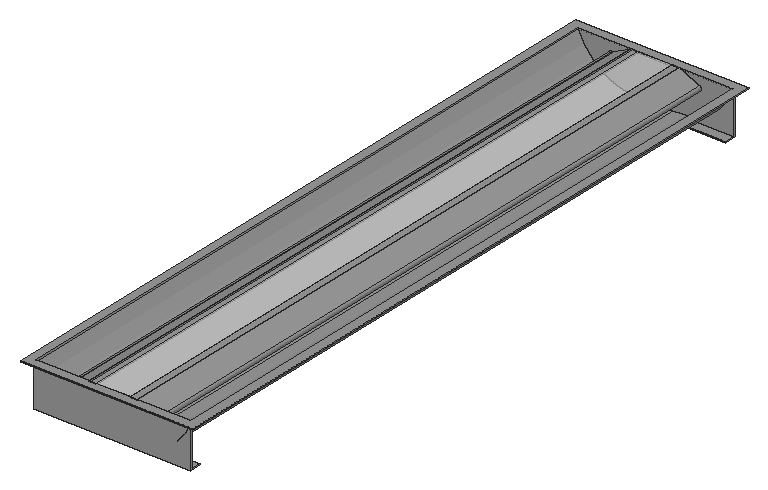
Revit family "44285", category Lighting Fixtures, host Face, Revit 2018
Family settings
  Host = Face
  Round Connector Dimension = Use Diameter
  Part Type = Normal
  OmniClass Number = 23.80.70.11.17
  OmniClass Title = Specialized Lighting by Location or Use
  Cut with Voids When Loaded = No
  Light Source = Yes
  Shared = No
  Room Calculation Point = No
Parameters (values of type "0044285 RUBICO LED 1200 HE 4K")
  Width = 1196.0 mm
  Weight = 4.6 kg
  Wattage Comments = ""
  Wattage = 23.6608 W
  built-in parameter 1150110 = 1 (stored number, unit not read)
  Voltage Comments = "UNI ( Universal Voltage; 230-240 Volt )"  # constant formula
  Voltage = 230 V  # constant formula
  URL = "0"
  built-in parameter 1114217 = 1 (stored number, unit not read)
  Tilt Angle = -90.00°
  built-in parameter 1150109 = 1 (stored number, unit not read)
  built-in parameter 1150134 = (empty or 0)
  built-in parameter 1150113 = 1 (stored number, unit not read)
  Reflector Material = Steel_Sylvania_Rubico LED_White_RAL 9016
  Product Page URL = "http://www.sylvania-lighting.com/product/en-int/products/0044336"
  Product Family = "RUBICO LED - DALI DIMMABLE & EMERGENCY 3 HOUR"  # constant formula
  Photometry Comments = ""
  Photometric Web File = "0044285.ies"
  Life = "50 000h"  # constant formula
  Length = 296.0 mm
  LOR = "1"
  Keynote = "n/a"
  IP Rating = "IP20"  # constant formula
  IK Rating = "IK07"  # constant formula
  Housing Material = Steel_Sylvania_Rubico LED_White_RAL 9016
  Height = 75.0 mm
  Glow Wire Test = 850 °C  # constant formula
  Glare Control = "19>"  # constant formula
  Energy Class = "A++, A+, A"  # constant formula
  Emit from Rectangle Width = Cutout Length - 4.0 mm  # 266.0 mm
  Emit from Rectangle Length = Cutout Width - 4.0 mm  # 1166.0 mm
  Emit Shape Visible in Rendering = no
  Electrical Protection = "CLASS1"  # constant formula
  Drive Current = "700mA"  # constant formula
  Diffuser Width = Length - 236.0 mm  # 60.0 mm
  Diffuser 2 Material = Polycarbonate_Sylvania_Rubico LED_Clear
  Diffuser 1 Material = Steel_Sylvania_Rubico LED_White_RAL 9016
  Cutout Width = Width - 26.0 mm  # 1170.0 mm
  Cutout Length = Length - 26.0 mm  # 270.0 mm
  built-in parameter 1114216 [instance] = 1 (stored number, unit not read)
  Model = "RUBICO LED 1200x300 HE 4K"
  Manufacturer = ""
  built-in parameter 1150105 = 152.44 (stored number, unit not read)
  Lumens = 1915.58 lm
  built-in parameter 1150115 = 1 (stored number, unit not read)
  built-in parameter 1150137 = (empty or 0)
  built-in parameter 1150139 = (empty or 0)
  built-in parameter 1150112 = 1 (stored number, unit not read)
  built-in parameter 1150114 = 1 (stored number, unit not read)
  Lamp = "n/a"
  built-in parameter 1150132 = 2
  built-in parameter 1150102 = (empty or 0)
  built-in parameter 1150107 = (empty or 0)
  built-in parameter 1150138 = (empty or 0)
  built-in parameter 1150106 = 1.5244 (stored number, unit not read)
  built-in parameter 1150104 = 7.5214 (stored number, unit not read)
  Dimming Lamp Color Temperature Shift = <None>
  Description = "Direct and Indirect light distribution. 31W - 46W LED recessed luminaire. Rubico LED Gen 2 is perfect for Office circulation areas, Corridors . Available with Micro Prismatic Optic (MPO) with satin side diffuser. Available in recessed (600x600 and 1200x300) . Rubico LED Gen 2 delivers high output up to 3,656lm (luminaire lumen output on 4,000K version). Rana LED delivers high efficiency up to 84lm/W (total system efficiency). Available in warm white (3,000K) and neutral white (4,000K). Energy efficient electronic gear including DALI and 3 hour emergency versions as standard. Long lifetime: 50,000 hours life at 70% of the original output L70. Less maintenance is required due to the long lifetime of 50,000hrs. Energy Class: A++, A+, A. LED technology provides an energy efficient solution with reduced maintenance costs. Comes complete with safety cable. Complete with protective film and quick connector for easy installation"  # constant formula
  Default Elevation = 0.0 mm
  Color Filter = 16777215
  Catalog Number = "0044336 RUBICO 300*1200 DALI E3 LED 4000 G2"
  built-in parameter 1140040 [instance] = 1
  CRI(Ra) = ">80"  # constant formula
  Body Material = Steel_Sylvania_Rubico LED_White_RAL 9016
  built-in parameter 1114218 = 1 (stored number, unit not read)
  built-in parameter 1150133 = 10 (stored number, unit not read)
  Assembly Code = "D5020200"
  Apparent Load Comments = ""
  Apparent Load = 26 VA
  Ambient temperature for maximum luminous flux (°C) = "25"  # constant formula
  Accessory Material = Steel_Sylvania_Rubico LED_White_RAL 9016
Reference planes
  plane 1 "Center (Front/Back)": y = 0
  plane 2: z = -5
  plane 3 "Center (Left/Right)": x = -27.322
  plane 4 "Housing Left": x = -162.322
  plane 5 "Housing Right": x = 107.678
  plane 6 "Housing Front": y = 585
  plane 7 "Housing Back": y = -585
  plane 8 "Fixture Right": x = 120.678
  plane 9 "Fixture Left": x = -175.322
  plane 10 "Fixture Front": y = 598
  plane 11 "Fixture Back": y = -598
  plane 12 "Fixture Top": z = -73
  plane 13 "Fixture Bottom": z = 0
  plane 14 "Profile Front": y = 583
  plane 15 "Profile Back": y = -583
  plane 16 "Profile Left": x = -160.322
  plane 17 "Profile Right": x = 105.678
  plane 18 "Diffuser Bottom": z = 0
  plane 19 "Diffuser Top": z = -2
  plane 20 "Accessory Left": x = -67.322
  plane 21 "Accessory Right": x = 12.678
  plane 22 "Diffuser Left": x = -57.322
  plane 23 "Diffuser Right": x = 2.678
  plane 24: z = -75
Forms (mm)
  Extrusion 1, void
    sketch origin (0, 0, 59) x (-1, 0, 0) y (0, -1, 0)
      loop
        line (-107.678, -585) -> (162.322, -585) -> (162.322, 585) -> (-107.678, 585) -> (-107.678, -585)
    from -132 to -61
  Extrusion 2, solid, material "Steel_Sylvania_Rubico LED_White_RAL 9016" <- "Housing Material", detail levels fine
    sketch origin (0, 0, 59) x (-1, 0, 0) y (0, -1, 0)
      loop
        line (175.322, -598) -> (175.322, 598) -> (-120.678, 598) -> (-120.678, -598) -> (175.322, -598)
      loop
        line (162.322, -585) -> (162.322, 585) -> (-107.678, 585) -> (-107.678, -585) -> (162.322, -585)
    from -61 to -59
  Extrusion 3, solid, material "Steel_Sylvania_Rubico LED_White_RAL 9016" <- "Housing Material", detail levels fine
    sketch origin (0, 0, 0) x (1, 0, 0) y (0, 0, 1)
      loop
        line (-57.322, -73) -> (2.678, -73)
        arc (2.678, -73) -> (66.054, -53.584) -> (107.678, -2) r 113.141
        line (107.678, -2) -> (107.678, 0) -> (105.678, 0) -> (105.678, -2)
        arc (105.678, -2) -> (64.666, -52.156) -> (2.678, -71) r 111.377
        line (2.678, -71) -> (-57.322, -71)
        arc (-57.322, -71) -> (-119.31, -52.156) -> (-160.322, -2) r 111.377
        line (-160.322, -2) -> (-160.322, 0) -> (-162.322, 0) -> (-162.322, -2)
        arc (-162.322, -2) -> (-120.698, -53.584) -> (-57.322, -73) r 113.141
    from -583 to 583
  Extrusion 4, solid, material "Steel_Sylvania_Rubico LED_White_RAL 9016" <- "Housing Material", detail levels fine
    sketch origin (0, 0, 0) x (1, 0, 0) y (0, 0, 1)
      loop
        line (107.678, 0) -> (-162.322, 0) -> (-162.322, -73) -> (107.678, -73) -> (107.678, 0)
    from 583 to 585
  Extrusion 5, solid, material "Steel_Sylvania_Rubico LED_White_RAL 9016" <- "Housing Material", detail levels fine
    sketch origin (0, 0, 0) x (1, 0, 0) y (0, 0, 1)
      loop
        line (-162.322, 0) -> (-162.322, -73) -> (107.678, -73) -> (107.678, 0) -> (-162.322, 0)
    from -585 to -583
  Extrusion 6, solid, material "Steel_Sylvania_Rubico LED_White_RAL 9016" <- "Diffuser 1 Material", detail levels fine
    sketch origin (0, 0, 0) x (1, 0, 0) y (0, 0, 1)
      loop
        line (12.678, 0) -> (12.678, -2) -> (14.734, -2) -> (47.833, -17.434)
        arc (47.833, -17.434) -> (49.284, -21.421) -> (45.297, -22.872) r 3
        line (45.297, -22.872) -> (44.452, -24.684)
        arc (44.452, -24.684) -> (51.096, -22.266) -> (48.678, -15.621) r 5
        line (48.678, -15.621) -> (15.178, 0) -> (12.678, 0)
      loop
        line (-67.322, 0) -> (-69.822, 0) -> (-103.322, -15.621)
        arc (-103.322, -15.621) -> (-105.741, -22.266) -> (-99.096, -24.684) r 5
        line (-99.096, -24.684) -> (-99.941, -22.872)
        arc (-99.941, -22.872) -> (-103.928, -21.421) -> (-102.477, -17.434) r 3
        line (-102.477, -17.434) -> (-69.379, -2) -> (-67.322, -2) -> (-67.322, 0)
    from -583 to 583
  Extrusion 7, solid, material "Steel_Sylvania_Rubico LED_White_RAL 9016" <- "Accessory Material", detail levels fine
    sketch origin (0, 0, 59) x (-1, 0, 0) y (0, -1, 0)
      loop
        line (57.322, -583) -> (67.322, -583) -> (67.322, 583) -> (57.322, 583) -> (57.322, -583)
      loop
        line (-2.678, -583) -> (-2.678, 583) -> (-12.678, 583) -> (-12.678, -583) -> (-2.678, -583)
    from -61 to -59
  Extrusion 8, solid, material "Polycarbonate_Sylvania_Rubico LED_Clear" <- "Diffuser 2 Material", detail levels fine
    sketch origin (0, 0, 59) x (-1, 0, 0) y (0, -1, 0)
      loop
        line (-2.678, -583) -> (57.322, -583) -> (57.322, 583) -> (-2.678, 583) -> (-2.678, -583)
    from -61 to -59
  Extrusion 9, solid, material "Steel_Sylvania_Rubico LED_White_RAL 9016" <- "Housing Material", detail levels coarse+medium
    sketch origin (0, 0, 59) x (-1, 0, 0) y (0, -1, 0)
      loop
        line (-120.678, -598) -> (175.322, -598) -> (175.322, 598) -> (-120.678, 598) -> (-120.678, -598)
    from -61 to -59
  Extrusion 10, solid, material "Steel_Sylvania_Rubico LED_White_RAL 9016" <- "Housing Material", detail levels coarse+medium
    sketch origin (0, 0, 0) x (1, 0, 0) y (0, 0, 1)
      loop
        line (-162.322, 0) -> (-162.322, -75) -> (107.678, -75) -> (107.678, 0) -> (-162.322, 0)
    from -585 to 585
  Extrusion 11, void
    sketch origin (0, 0, 59) x (-1, 0, 0) y (0, -1, 0)
      loop
        line (175.322, -598) -> (175.322, 598) -> (-120.678, 598) -> (-120.678, -598) -> (175.322, -598)
    from -61 to -59
  Extrusion 12, solid, material "Steel_Sylvania_Rubico LED_White_RAL 9016" <- "Housing Material", detail levels fine
    sketch origin (0, 0, 59) x (-1, 0, 0) y (0, -1, 0)
      loop
        line (162.322, -585) -> (162.322, -565) -> (-107.678, -565) -> (-107.678, -585) -> (162.322, -585)
      loop
        line (162.322, 585) -> (-107.678, 585) -> (-107.678, 565) -> (162.322, 565) -> (162.322, 585)
    from -134 to -132
Cuts and joins
  joined: Extrusion 2, Extrusion 3, Extrusion 4, Extrusion 5, Extrusion 12
  joined: Extrusion 9, Extrusion 10
Dimensions and locks
  equal spacing: plane 6 "Housing Front", plane 1 "Center (Front/Back)", plane 7 "Housing Back"
  equal spacing: plane 4 "Housing Left", plane 3 "Center (Left/Right)", plane 5 "Housing Right"
  "Cutout Length": plane 4 "Housing Left" to plane 5 "Housing Right"
  equal spacing: plane 9 "Fixture Left", plane 3 "Center (Left/Right)", plane 8 "Fixture Right"
  "Length": plane 9 "Fixture Left" to plane 8 "Fixture Right"
  equal spacing: plane 11 "Fixture Back", plane 1 "Center (Front/Back)", plane 10 "Fixture Front"
  "Width": plane 10 "Fixture Front" to plane 11 "Fixture Back"
  locked: plane 15 "Profile Back" to plane 7 "Housing Back" at 2
  locked: plane 14 "Profile Front" to plane 6 "Housing Front" at 2
  locked: plane 17 "Profile Right" to plane 5 "Housing Right" at 2
  locked: plane 4 "Housing Left" to plane 16 "Profile Left" at 2
  "Cutout Width": plane 6 "Housing Front" to plane 7 "Housing Back"
  equal spacing: plane 22 "Diffuser Left", plane 3 "Center (Left/Right)", plane 23 "Diffuser Right"
  "Diffuser Width": plane 22 "Diffuser Left" to plane 23 "Diffuser Right"
  plane 18 "Diffuser Bottom" to plane 19 "Diffuser Top" to plane 2 = 2.0 mm locked, 3.0 mm locked
  locked: Extrusion 6 sketch curve to Extrusion 6 sketch curve at 2  (x2)
  Extrusion 6 sketch curve to Extrusion 6 sketch curve to plane 20 "Accessory Left" = 33.5 mm locked, 2.5 mm locked
  Extrusion 6 sketch curve to Extrusion 6 sketch curve to plane 21 "Accessory Right" = 33.5 mm locked, 2.5 mm locked
  locked: plane 23 "Diffuser Right" to plane 21 "Accessory Right" at 10
  locked: plane 20 "Accessory Left" to plane 22 "Diffuser Left" at 10
  "Height": plane 18 "Diffuser Bottom" to plane 24
  locked: plane 6 "Housing Front" to Extrusion 12 sketch curve at 20
  locked: Extrusion 12 sketch curve to plane 7 "Housing Back" at 20
  locked: plane 12 "Fixture Top" to plane 24 at 2
  locked: Extrusion 3 sketch curve to plane 24 at 73  (x4)
  aligned and locked: host face to level
  aligned and locked: plane 6 "Housing Front" to Extrusion 1 sketch curve
  aligned and locked: plane 5 "Housing Right" to Extrusion 1 sketch curve
  aligned and locked: Extrusion 1 sketch curve to plane 7 "Housing Back"
  aligned and locked: Extrusion 1 sketch curve to plane 4 "Housing Left"
  aligned and locked: Extrusion 1 to plane 12 "Fixture Top"
  aligned and locked: Extrusion 2 sketch curve to plane 10 "Fixture Front"
  aligned and locked: plane 9 "Fixture Left" to Extrusion 2 sketch curve
  aligned and locked: Extrusion 2 sketch curve to plane 11 "Fixture Back"
  aligned and locked: Extrusion 2 sketch curve to plane 8 "Fixture Right"
  aligned and locked: plane 13 "Fixture Bottom" to Extrusion 2
  aligned and locked: plane 13 "Fixture Bottom" to Extrusion 4 sketch curve
  aligned and locked: Extrusion 4 to plane 7 "Housing Back"
  aligned and locked: Extrusion 4 to plane 15 "Profile Back"
  aligned and locked: Extrusion 5 sketch curve to plane 13 "Fixture Bottom"
  aligned and locked: plane 6 "Housing Front" to Extrusion 5
  aligned and locked: plane 14 "Profile Front" to Extrusion 5
  aligned and locked: Extrusion 7 sketch curve to plane 14 "Profile Front"
  aligned and locked: plane 22 "Diffuser Left" to Extrusion 7 sketch curve
  aligned and locked: Extrusion 6 to Extrusion 7 sketch curve
  aligned and locked: plane 14 "Profile Front" to Extrusion 7 sketch curve
  aligned and locked: Extrusion 7 sketch curve to plane 23 "Diffuser Right"
  aligned and locked: Extrusion 7 sketch curve to Extrusion 6  (x2)
  aligned and locked: plane 19 "Diffuser Top" to Extrusion 7
  aligned and locked: Extrusion 7 to plane 18 "Diffuser Bottom"
  aligned and locked: Extrusion 7 to Extrusion 8 sketch curve  (x2)
  aligned and locked: Extrusion 8 sketch curve to Extrusion 7  (x2)
  aligned and locked: plane 19 "Diffuser Top" to Extrusion 8
  aligned and locked: Extrusion 8 to plane 18 "Diffuser Bottom"
  aligned and locked: plane 13 "Fixture Bottom" to Extrusion 9
  aligned and locked: plane 3 "Center (Left/Right)" to imposter light
  aligned and locked: plane 1 "Center (Front/Back)" to imposter light
  aligned and locked: plane 13 "Fixture Bottom" to imposter light
  aligned and locked: Extrusion 10 sketch curve to imposter light
  aligned and locked: Extrusion 10 to plane 7 "Housing Back"
  aligned and locked: plane 6 "Housing Front" to Extrusion 10
  aligned and locked: Extrusion 11 sketch curve to plane 8 "Fixture Right"
  aligned and locked: plane 9 "Fixture Left" to Extrusion 11 sketch curve
  aligned and locked: Extrusion 11 sketch curve to plane 10 "Fixture Front"
  aligned and locked: Extrusion 11 sketch curve to plane 11 "Fixture Back"
  aligned and locked: level to Extrusion 11
  aligned and locked: level to plane 13 "Fixture Bottom"
  aligned and locked: Extrusion 7 sketch curve to plane 20 "Accessory Left"
  aligned and locked: Extrusion 6 sketch curve to plane 21 "Accessory Right"
  aligned and locked: Extrusion 6 sketch curve to plane 20 "Accessory Left"
  aligned and locked: plane 23 "Diffuser Right" to Extrusion 3 sketch curve
  aligned and locked: plane 22 "Diffuser Left" to Extrusion 3 sketch curve
  aligned and locked: Extrusion 3 sketch curve to plane 12 "Fixture Top"
  aligned and locked: Extrusion 10 sketch curve to plane 5 "Housing Right"
  aligned and locked: Extrusion 10 sketch curve to plane 4 "Housing Left"
  aligned and locked: Extrusion 4 sketch curve to plane 4 "Housing Left"
  aligned and locked: Extrusion 4 sketch curve to plane 5 "Housing Right"
  aligned and locked: Extrusion 2 sketch curve to Extrusion 10  (x3)
  aligned and locked: Extrusion 2 sketch curve to Extrusion 4
  aligned and locked: Extrusion 3 sketch curve to plane 17 "Profile Right"
  aligned and locked: Extrusion 3 sketch curve to plane 5 "Housing Right"
  aligned and locked: host face to Extrusion 3 sketch curve
  aligned and locked: Extrusion 3 sketch curve to plane 4 "Housing Left"
  aligned and locked: Extrusion 3 sketch curve to plane 16 "Profile Left"
  aligned and locked: Extrusion 2 to Extrusion 3 sketch curve
  aligned and locked: Extrusion 5 sketch curve to plane 4 "Housing Left"
  aligned and locked: Extrusion 5 sketch curve to plane 5 "Housing Right"
  aligned and locked: plane 19 "Diffuser Top" to cut or joined group of Extrusion 2, Extrusion 3, Extrusion 4, Extrusion 5, Extrusion 12
  aligned and locked: plane 19 "Diffuser Top" to Extrusion 9
  aligned and locked: plane 19 "Diffuser Top" to Extrusion 11
  aligned and locked: Extrusion 1 to plane 19 "Diffuser Top"
  aligned and locked: Extrusion 12 sketch curve to plane 6 "Housing Front"
  aligned and locked: Extrusion 12 to plane 24
  aligned and locked: plane 12 "Fixture Top" to Extrusion 12
  aligned and locked: plane 4 "Housing Left" to Extrusion 12 sketch curve  (x2)
  aligned and locked: Extrusion 12 sketch curve to plane 5 "Housing Right"
  aligned and locked: Extrusion 5 sketch curve to plane 12 "Fixture Top"
  aligned and locked: Extrusion 4 sketch curve to plane 12 "Fixture Top"
  aligned and locked: Extrusion 12 sketch curve to plane 7 "Housing Back"
  aligned and locked: plane 5 "Housing Right" to Extrusion 12 sketch curve
  aligned and locked: Extrusion 10 sketch curve to plane 24
  aligned and locked: plane 16 "Profile Left" to Extrusion 3 sketch curve
  aligned and locked: plane 4 "Housing Left" to Extrusion 3 sketch curve
  aligned and locked: plane 5 "Housing Right" to Extrusion 3 sketch curve
  aligned and locked: plane 17 "Profile Right" to Extrusion 3 sketch curve
  aligned and locked: plane 14 "Profile Front" to cut or joined group of Extrusion 2, Extrusion 3, Extrusion 4, Extrusion 5, Extrusion 12
  aligned and locked: plane 15 "Profile Back" to Extrusion 3
  aligned and locked: Extrusion 3 to Extrusion 4
  aligned and locked: plane 15 "Profile Back" to Extrusion 6
  aligned and locked: Extrusion 6 to plane 14 "Profile Front"
  aligned and locked: Extrusion 3 to plane 14 "Profile Front"
Automatic sketch dimensions
  host sketch curve to host sketch curve = 1874.119 mm
  host sketch curve to host sketch curve = 1731.672 mm
  Extrusion 9 sketch curve to plane 8 "Fixture Right" = 0.0 mm
  Extrusion 9 sketch curve to plane 9 "Fixture Left" = 0.0 mm
  Extrusion 9 sketch curve to plane 10 "Fixture Front" = 0.0 mm
  plane 11 "Fixture Back" to Extrusion 9 sketch curve = 0.0 mm
  Extrusion 6 sketch curve to Extrusion 6 sketch curve = 0.0 mm  (x5)
  Extrusion 6 sketch curve to level = 0.0 mm  (x2)
  Extrusion 6 sketch curve to plane 19 "Diffuser Top" = 0.0 mm  (x2)
  Extrusion 6 sketch curve to Extrusion 6 sketch curve = 0.443 mm  (x2)
  Extrusion 6 sketch curve to Extrusion 6 sketch curve = 4.226 mm  (x2)
  Extrusion 6 sketch curve to plane 2 = 12.434 mm  (x2)
  Extrusion 6 sketch curve to Extrusion 6 sketch curve = 1.268 mm  (x2)
  Extrusion 3 sketch curve to plane 22 "Diffuser Left" = 0.0 mm
  plane 23 "Diffuser Right" to Extrusion 3 sketch curve = 0.0 mm
  Extrusion 3 sketch curve to Extrusion 3 sketch curve = 2.0 mm
  Extrusion 6 sketch curve to plane 20 "Accessory Left" = 32.619 mm
  Extrusion 6 sketch curve to Extrusion 6 sketch curve = 0.845 mm
  Extrusion 6 sketch curve to Extrusion 6 sketch curve = 7.25 mm
  Extrusion 6 sketch curve to plane 2 = 19.684 mm
Connectors
  electrical at (-27.322, 0, -73), driven by "Voltage", driven by "Apparent Load"
    settings: index 1, voltage 230 V, apparent load 0 VA, apparent load phase1 26 VA, apparent load phase2 0 VA, apparent load phase3 0 VA, power factor 1, load classification "Lighting", number of poles 1, system type 31, power factor state 1, is connector primary yes, connector utility no, sub classification motor no, connector description ""
